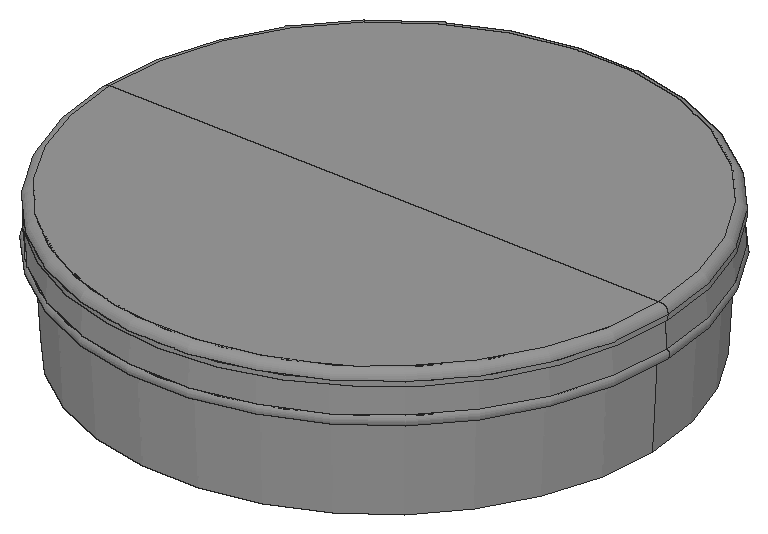
Revit family "L&L_LUCE&LIGHT_BRIGHT_9.7", category Lighting Fixtures, host Floor, Revit 2018
Family settings
  Host = Floor
  Round Connector Dimension = Use Diameter
  Part Type = Normal
  Always vertical = Yes
  Cut with Voids When Loaded = No
  Light Source = Yes
  Shared = No
  Room Calculation Point = No
Parameters (values of type "BRIGHT_9.7")
  Wattage = 4 W
  WEIGHT KG = 1.21
  URL IMAGE = "https://www.lucelight.it/media/prodotti/foto/bright_9.7_still.jpg"
  URL DXF = "https://www.lucelight.it/media/prodotti/dxf/bright_9.7.dxf"
  URL DESCRIPTION = "https://www.lucelight.it/en/capitolato.php/7740"
  URL CATALOGUE = "https://www.lucelight.it/media/prodotti/brochure/bright_9.7_brochure_en.pdf"
  URL ACCESSORIES DXF 3 = "https://www.lucelight.it/media/accessori/dxf/wc0701.dxf"
  URL ACCESSORIES DXF 2 = "https://www.lucelight.it/media/accessori/dxf/wc0601.dxf"
  URL ACCESSORIES DXF = "https://www.lucelight.it/media/accessori/dxf/wc0501.dxf"
  built-in parameter 1150110 = 1 (stored number, unit not read)
  URL = "https://www.lucelight.it/en/"
  Type Comments = "Recessed (floor)"
  built-in parameter 1114217 = 1 (stored number, unit not read)
  Tilt Angle = -90.00°
  built-in parameter 1150109 = 1 (stored number, unit not read)
  built-in parameter 1150134 = (empty or 0)
  TRIM MATERIAL = AISI 316L STAINLESS STEEL
  TECHNICAL SHEET = "https://www.lucelight.it/media/prodotti/st/ST_BRIGHT_97.pdf"
  built-in parameter 1150113 = 1 (stored number, unit not read)
  SCREEN MATERIAL = PMMA PLASTIC
  Photometric Web File = "BRIGHT 9.7 R [3000K 4W 24Vdc].IES"
  PROTECTION LEVEL = "IP 68"
  PRODUCT CODE CONFIGURATOR = "https://www.lucelight.it/en/prodotto.php/7740#a-generacodice"
  POWER SUPPLY = "24 Vdc"
  POWER CONSUMPTION = "4 W"
  PHOTOMETRIC CURVE = "BRIGHT 9.7 R [3000K 4W 24Vdc]"
  Model = "BRIGHT 9.7"
  Manufacturer = "L&L Luce&light"
  MATERIAL DESCRIPTION = "Body: anodized aluminium; Trim: stainless steel; Screen: PMMA plastic"
  built-in parameter 1150105 = 15.279 (stored number, unit not read)
  Lumens = 192 lm
  built-in parameter 1150115 = 1 (stored number, unit not read)
  built-in parameter 1150137 = (empty or 0)
  built-in parameter 1150139 = (empty or 0)
  built-in parameter 1150112 = 1 (stored number, unit not read)
  built-in parameter 1150114 = 1 (stored number, unit not read)
  Lamp = "LED colour white: 2700K, 3000K, 4000K"
  built-in parameter 1150132 = (empty or 0)
  built-in parameter 1150102 = (empty or 0)
  built-in parameter 1150107 = 3000 (stored number, unit not read)
  built-in parameter 1150138 = (empty or 0)
  built-in parameter 1150106 = 0.15279 (stored number, unit not read)
  ILLUMINITECHNICAL PERFORMANCE = "3000K - 4W - 24Vdc"
  HEIGHT = 47 mm
  Emit from Circle Diameter = 609.6 mm
  Emit Shape Visible in Rendering = no
  built-in parameter 1150104 = 4.4593 (stored number, unit not read)
  ENERGY EFFIECIENCY CLASS = "A / A+ / A++"
  Dimming Lamp Color Temperature Shift = (empty or 0)
  Description = "Recessed for outdoor applications"
  DIAMETER = 130 mm
  Color Filter = 16777215
  built-in parameter 1114218 = 1 (stored number, unit not read)
  BODY MATERIAL = ANODIZED ALUMINIUM
  BIM USER MANUAL = "https://img.edilportale.com/bim/LUCE-LIGHT-BIM-user-manual-en-L-L-Luce-Light-bim.pdf"
  BIM BADGE = "https://bim.archiproducts.com/en/badge/bim-archiproducts-featured_658700/about"
  BIM AUTHOR = "https://bim.archiproducts.com"
  built-in parameter 1150133 = 10 (stored number, unit not read)
  ACCESSORIES = "Outer casing"
Reference planes
  plane 1 "Center (Front/Back)": y = 0
  plane 2: z = 0
  plane 3 "Center (Left/Right)": x = 0
Forms (mm)
  Revolve 1, solid, material "AISI 316L STAINLESS STEEL" <- "TRIM MATERIAL", detail levels medium+fine
    sketch origin (-204.567, 0, -349.72) x (1, 0, 0) y (0, 0, 1)
      loop
        arc (142.067, 360.72) -> (140.653, 360.134) -> (140.067, 358.72) r 2
        line (140.067, 358.72) -> (140.067, 357.72) -> (204.567, 357.72) -> (204.567, 360.72) -> (142.067, 360.72)
      axis (204.567, 360.72) -> (204.567, 357.72)
    angle from 0 to 360
  Revolve 2, solid, material "PMMA PLASTIC" <- "SCREEN MATERIAL", detail levels medium+fine
    sketch origin (-204.567, 0, -349.72) x (1, 0, 0) y (0, 0, 1)
      loop
        line (140.311, 351.72) -> (204.567, 351.72) -> (204.567, 357.72) -> (140.469, 357.72) -> (140.311, 351.72)
      axis (204.567, 357.72) -> (204.567, 351.72)
    angle from 0 to 360
  Revolve 3, solid, material "PMMA PLASTIC" <- "SCREEN MATERIAL", detail levels medium+fine
    sketch origin (-204.567, 0, -349.72) x (1, 0, 0) y (0, 0, 1)
      loop
        arc (140.311, 351.72) -> (139.869, 350.746) -> (140.167, 349.72) r 1.539
        line (140.167, 349.72) -> (142.267, 349.72) -> (143.502, 329.72) -> (204.567, 329.72) -> (204.567, 351.72) -> (140.311, 351.72)
      axis (204.567, 329.72) -> (204.567, 351.72)
    angle from 0 to 360
  Revolve 4, solid, material "AISI 316L STAINLESS STEEL" <- "TRIM MATERIAL", detail levels medium+fine
    sketch origin (-185.173, 0, -167.364) x (-1, 0, 0) y (0, 0, 1)
      loop
        line (-201.245, 147.364) -> (-208.173, 147.364) -> (-208.173, 132.364) -> (-203.745, 132.364)
        arc (-203.745, 132.364) -> (-201.952, 133.411) -> (-201.245, 135.364) r 3.05
        line (-201.245, 135.364) -> (-201.245, 147.364)
      axis (-208.173, 147.364) -> (-208.173, 132.364)
    angle from 0 to 360
Lines and regions (mm)
  model lines, detail levels coarse
    curve 1: circle (0, 0, 0) r 64.702 normal (0, 0, 1)
    curve 2: line (45.751, -45.751, 0) -> (-45.608, 45.608, 0)
    curve 3: line (-45.608, -45.751, 0) -> (45.751, 45.608, 0)
Dimensions and locks
  aligned and locked: level to plane 2
Connectors
  electrical at (23, 0, -35)
    settings: on Revolve 4, index 1, voltage 0 V, apparent load 0 VA, apparent load phase1 0 VA, apparent load phase2 0 VA, apparent load phase3 0 VA, power factor 1, load classification "Other", number of poles 1, system type 31, power factor state 1, is connector primary yes, connector utility no, sub classification motor no, connector description ""
